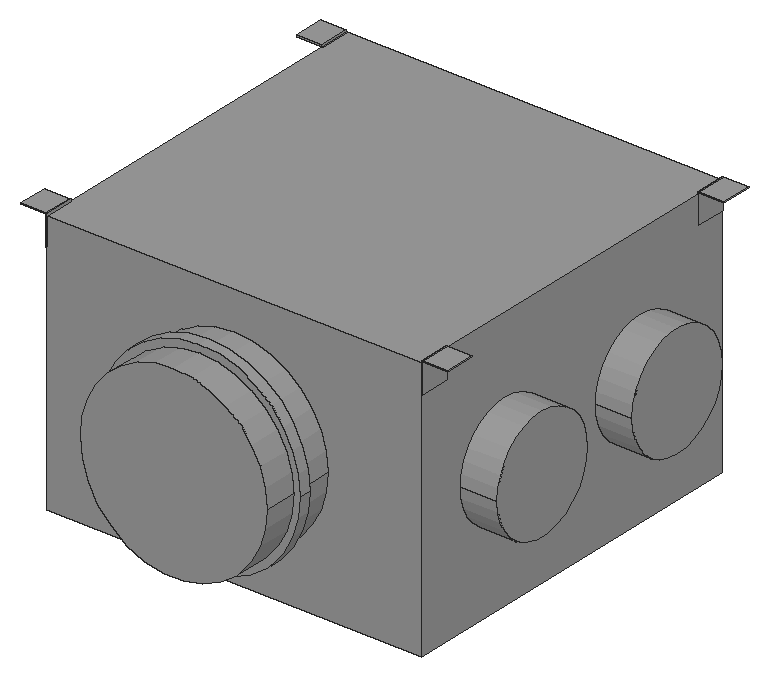
Revit family "FASU(F5-150 250Φ)", category ダクト付属品, Revit 2021
Family settings
  丸型コネクタ寸法 = 直径を使用
  パーツ タイプ = ダンパー
  OmniClass 番号 = 23.75.00.00
  OmniClass タイトル = Climate Control (HVAC)
  作業面ベース = いいえ
  常に垂直 = はい
  ロード時にボイドで切り取り = いいえ
  共有 = いいえ
Parameters
  高さ = 350 mm
  風量 [instance] = 0.0 L/s
  符号 = "FASU"
  形式 = "F5-150 250φ"
  幅 [instance] = 500 mm
  奥行き = 500 mm
  大きさ = 250 mm
  呼称 = "FASUチャンバー"
  付属品_下端レベル [instance] = 0 mm
  マテリアル [instance] = 既定値
  ダクト_イン = 250 mm
  ダクト_アウト = 150 mm
  既定の高さ = 0 mm
Reference planes
  plane 1 "中心(正面/背面)": y = 0
  plane 2: z = 0
  plane 3 "中心(左/右)": x = 0
  plane 4: x = -250
  plane 5: x = 250
  plane 6: y = -500
  plane 7: z = 350
  plane 8: z = 175
  plane 9: z = 266.963
  plane 10: z = 86.159
  plane 11: x = -125
  plane 12: x = 125
  plane 13: x = -135
  plane 14: x = 135
  plane 15: x = -251
  plane 16: z = 313.122
  plane 17: z = 352.122
  plane 18: y = -250
Forms (mm)
  Extrusion 1, solid, material "既定値" <- "マテリアル"
    sketch origin (0, 0, 0) x (1, 0, 0) y (0, 1, 0)
      loop
        line (-250, 0) -> (-250, -500) -> (250, -500) -> (250, 0) -> (-250, 0)
    from 0 to 350
  Extrusion 2, solid, material "既定値" <- "マテリアル"
    sketch origin (0, -30, 0) x (1, 0, 0) y (0, 0, 1)
      loop
        circle (0, 175) r 125
    from 470 to 512.5
  Extrusion 3, solid, material "既定値" <- "マテリアル"
    sketch origin (0, -30, 0) x (1, 0, 0) y (0, 0, 1)
      loop
        circle (0, 175) r 135
    from 512.5 to 527.5
  Extrusion 4, solid, material "既定値" <- "マテリアル"
    sketch origin (0, -117.5, 0) x (1, 0, 0) y (0, 0, 1)
      loop
        circle (0, 175) r 125
    from 440 to 482.5
  Extrusion 5, solid, material "既定値" <- "マテリアル"
    sketch origin (0, -30, 0) x (0, 1, 0) y (0, 0, 1)
      loop
        circle (-332.5, 175) r 74.985
    from -300 to -250
  Extrusion 6, solid, material "既定値" <- "マテリアル"
    sketch origin (550, -30, 0) x (0, 1, 0) y (0, 0, 1)
      loop
        circle (-332.5, 175) r 74.985
    from -300 to -250
  Extrusion 7, solid, material "既定値" <- "マテリアル"
    sketch origin (0, -30, 0) x (1, 0, 0) y (0, 1, 0)
      loop
        line (-250, 30) -> (-251, 30) -> (-251, -10) -> (-250, -10) -> (-250, 30)
    from 313.122 to 350
  Extrusion 8, solid, material "既定値" <- "マテリアル"
    sketch origin (0, -30, 0) x (1, 0, 0) y (0, 1, 0)
      loop
        line (-285, 30) -> (-285, -10) -> (-251, -10) -> (-251, 30) -> (-285, 30)
    from 352.122 to 350
  Extrusion 9, solid, material "既定値" <- "マテリアル"
    sketch origin (0, -30, 0) x (-1, 0, 0) y (0, -1, 0)
      loop
        line (-250, -30) -> (-250, 10) -> (-251, 10) -> (-251, -30) -> (-250, -30)
    from 313.122 to 353.122
  Extrusion 10, solid, material "既定値" <- "マテリアル"
    sketch origin (0, -30, 0) x (-1, 0, 0) y (0, -1, 0)
      loop
        line (-285, -30) -> (-251, -30) -> (-251, 10) -> (-285, 10) -> (-285, -30)
    from 352.122 to 353.122
  Extrusion 11, solid, material "既定値" <- "マテリアル"
    sketch origin (0, -490, 0) x (1, 0, 0) y (0, 1, 0)
      loop
        line (-285, 30) -> (-285, -10) -> (-251, -10) -> (-251, 30) -> (-285, 30)
    from 352.122 to 353.122
  Extrusion 12, solid, material "既定値" <- "マテリアル"
    sketch origin (0, -490, 0) x (1, 0, 0) y (0, 1, 0)
      loop
        line (-250, 30) -> (-251, 30) -> (-251, -10) -> (-250, -10) -> (-250, 30)
    from 313.122 to 353.122
  Extrusion 13, solid, material "既定値" <- "マテリアル"
    sketch origin (0, -490, 0) x (-1, 0, 0) y (0, -1, 0)
      loop
        line (-285, -30) -> (-251, -30) -> (-251, 10) -> (-285, 10) -> (-285, -30)
    from 352.122 to 353.122
  Extrusion 14, solid, material "既定値" <- "マテリアル"
    sketch origin (0, -490, 0) x (-1, 0, 0) y (0, -1, 0)
      loop
        line (-250, -30) -> (-250, 10) -> (-251, 10) -> (-251, -30) -> (-250, -30)
    from 313.122 to 353.122
  Extrusion 15, solid, material "既定値" <- "マテリアル"
    sketch origin (-332.5, 300, 0) x (-1, 0, 0) y (0, 0, 1)
      loop
        circle (-332.5, 175) r 74.985
    from -300 to -250
  Extrusion 16, solid, material "既定値" <- "マテリアル"
    sketch origin (550, -470, 0) x (0, -1, 0) y (0, 0, -1)
      loop
        circle (-332.5, -175) r 74.985
    from -300 to -250
  Extrusion 17, solid, material "既定値" <- "マテリアル"
    sketch origin (-550, -470, 0) x (0, -1, 0) y (0, 0, 1)
      loop
        circle (-332.5, 175) r 74.985
    from -300 to -250
Lines and regions (mm)
  model lines
    curve 1: line (-250, -30, 0) -> (250, -30, 0)
    curve 2: line (-250, -470, 0) -> (250, -470, 0)
Text (mm)
  text "FASU(F5-150 250Φ)" at (120.822, -450.782, 0), in view "参照レベル"
Dimensions and locks
  equal spacing: plane 4, plane 3 "中心(左/右)", plane 5
  "幅": plane 4 to plane 5
  "奥行き": plane 6 to plane 1 "中心(正面/背面)"
  "高さ": plane 7 to level
  equal spacing: plane 7, plane 8, level
  equal spacing: plane 6, plane 18, plane 1 "中心(正面/背面)"
  aligned and locked: level to plane 2
  aligned and locked: Extrusion 1 sketch curve to plane 5
  aligned and locked: plane 7 to Extrusion 1
  aligned and locked: plane 4 to Extrusion 5
  aligned and locked: Extrusion 6 to plane 5
  aligned and locked: Extrusion 7 sketch curve to Extrusion 1
  aligned and locked: plane 7 to Extrusion 7
  aligned and locked: Extrusion 8 sketch curve to Extrusion 7
  aligned and locked: Extrusion 7 to Extrusion 8 sketch curve
  aligned and locked: plane 7 to Extrusion 8
  aligned and locked: Extrusion 8 to plane 17
  aligned and locked: Extrusion 9 to Extrusion 10 sketch curve
  aligned and locked: Extrusion 10 sketch curve to Extrusion 9
  aligned and locked: Extrusion 3 to Extrusion 4
  aligned and locked: Extrusion 3 to Extrusion 2
  aligned and locked: Extrusion 1 to Extrusion 13
  aligned and locked: Extrusion 11 to Extrusion 1
  aligned and locked: Extrusion 12 to Extrusion 1
  aligned and locked: Extrusion 1 to Extrusion 14
  aligned and locked: Extrusion 14 to Extrusion 13
  aligned and locked: Extrusion 12 to Extrusion 11
  aligned and locked: plane 4 to Extrusion 12
  aligned and locked: Extrusion 14 to plane 5
  aligned and locked: plane 4 to curve 1
  aligned and locked: plane 5 to curve 1
  aligned and locked: plane 5 to curve 2
  aligned and locked: plane 4 to curve 2
  aligned and locked: Extrusion 1 to Extrusion 8
  aligned and locked: Extrusion 10 to Extrusion 1
  aligned and locked: Extrusion 9 to plane 5
  aligned and locked: Extrusion 15 to Extrusion 1
  aligned and locked: Extrusion 1 to plane 6
  aligned and locked: Extrusion 1 to plane 1 "中心(正面/背面)"
  aligned and locked: plane 6 to Extrusion 2
  aligned and locked: Extrusion 16 to plane 5
  aligned and locked: plane 4 to Extrusion 17
Automatic sketch dimensions
  plane 6 to curve 2 = 30 mm
  plane 1 "中心(正面/背面)" to curve 1 = 30 mm
  Extrusion 1 sketch curve to plane 4 = 0 mm
  Extrusion 1 sketch curve to plane 6 = 0 mm
  plane 1 "中心(正面/背面)" to Extrusion 1 sketch curve = 0 mm
  Extrusion 2 sketch curve to plane 3 "中心(左/右)" = 0 mm
  Extrusion 2 sketch curve to plane 8 = 0 mm
  Extrusion 3 sketch curve to plane 3 "中心(左/右)" = 0 mm
  Extrusion 3 sketch curve to plane 8 = 0 mm
  Extrusion 4 sketch curve to plane 3 "中心(左/右)" = 0 mm
  Extrusion 4 sketch curve to plane 8 = 0 mm
  Extrusion 5 sketch curve to plane 8 = 0 mm
  Extrusion 6 sketch curve to plane 8 = 0 mm
  plane 1 "中心(正面/背面)" to Extrusion 7 sketch curve = 0 mm
  Extrusion 7 sketch curve to plane 15 = 0 mm
  Extrusion 7 sketch curve to Extrusion 7 sketch curve = 40 mm
  plane 1 "中心(正面/背面)" to Extrusion 8 sketch curve = 0 mm
  Extrusion 8 sketch curve to Extrusion 8 sketch curve = 34 mm
  plane 1 "中心(正面/背面)" to Extrusion 9 sketch curve = 0 mm
  Extrusion 9 sketch curve to plane 5 = 0 mm
  Extrusion 9 sketch curve to Extrusion 9 sketch curve = 1 mm
  Extrusion 9 sketch curve to Extrusion 9 sketch curve = 40 mm
  plane 1 "中心(正面/背面)" to Extrusion 10 sketch curve = 0 mm
  Extrusion 10 sketch curve to Extrusion 10 sketch curve = 34 mm
  Extrusion 11 sketch curve to plane 6 = 0 mm
  Extrusion 11 sketch curve to plane 15 = 0 mm
  Extrusion 11 sketch curve to Extrusion 11 sketch curve = 34 mm
  Extrusion 12 sketch curve to plane 15 = 0 mm
  Extrusion 12 sketch curve to plane 4 = 0 mm
  Extrusion 12 sketch curve to plane 6 = 0 mm
  Extrusion 13 sketch curve to plane 6 = 0 mm
  Extrusion 13 sketch curve to plane 5 = 35 mm
  Extrusion 13 sketch curve to plane 5 = 1 mm
  Extrusion 14 sketch curve to plane 6 = 0 mm
  Extrusion 14 sketch curve to plane 5 = 0 mm
  Extrusion 14 sketch curve to Extrusion 14 sketch curve = 1 mm
  Extrusion 15 sketch curve to plane 3 "中心(左/右)" = 0 mm
  Extrusion 15 sketch curve to plane 8 = 0 mm
  Extrusion 16 sketch curve to plane 8 = 0 mm
  plane 18 to Extrusion 16 sketch curve = 112.5 mm
  Extrusion 17 sketch curve to plane 8 = 0 mm
  plane 18 to Extrusion 17 sketch curve = 112.5 mm
  Extrusion 5 sketch curve to plane 18 = 112.5 mm
  Extrusion 6 sketch curve to plane 18 = 112.5 mm
  plane 6 to Extrusion 11 sketch curve = 40 mm
  plane 6 to Extrusion 12 sketch curve = 40 mm
  Extrusion 13 sketch curve to plane 6 = 40 mm
  Extrusion 14 sketch curve to plane 6 = 40 mm
  radius of Extrusion 2 sketch curve = 125 mm
  radius of Extrusion 3 sketch curve = 135 mm
  radius of Extrusion 4 sketch curve = 125 mm
  radius of Extrusion 5 sketch curve = 74.985 mm
  radius of Extrusion 6 sketch curve = 74.985 mm
  radius of Extrusion 15 sketch curve = 74.985 mm
  radius of Extrusion 16 sketch curve = 74.985 mm
  radius of Extrusion 17 sketch curve = 74.985 mm
Connectors
  hvac at (300, -362.5, 175), driven by "ダクト_アウト"
    settings: on Extrusion 6, index 11, duct flow 0.0 L/s, flow factor 0, pres drop 0.0 Pa, loss coef 0, conn angle 0.00°, conn width 304.8 mm, conn height 304.8 mm, conn diameter 150 mm, duct sys type 29, conn prof type 0, flow config 0, flow direction 2, loss method 0, conn ref index -1, conn util no, is conn primary yes, conn desc ""
  hvac at (-300, -362.5, 175), driven by "ダクト_アウト"
    settings: on Extrusion 5, index 12, duct flow 0.0 L/s, flow factor 0, pres drop 0.0 Pa, loss coef 0, conn angle 0.00°, conn width 304.8 mm, conn height 304.8 mm, conn diameter 150 mm, duct sys type 29, conn prof type 0, flow config 0, flow direction 0, loss method 0, conn ref index -1, conn util no, is conn primary no, conn desc ""
  hvac at (-300, -137.5, 175), driven by "ダクト_アウト"
    settings: on Extrusion 17, index 13, duct flow 0.0 L/s, flow factor 0, pres drop 0.0 Pa, loss coef 0, conn angle 0.00°, conn width 304.8 mm, conn height 304.8 mm, conn diameter 150 mm, duct sys type 29, conn prof type 0, flow config 0, flow direction 0, loss method 0, conn ref index -1, conn util no, is conn primary no, conn desc ""
  hvac at (0, 50, 175), driven by "ダクト_アウト"
    settings: on Extrusion 15, index 14, duct flow 0.0 L/s, flow factor 0, pres drop 0.0 Pa, loss coef 0, conn angle 0.00°, conn width 304.8 mm, conn height 304.8 mm, conn diameter 150 mm, duct sys type 29, conn prof type 0, flow config 0, flow direction 0, loss method 0, conn ref index -1, conn util no, is conn primary no, conn desc ""
  hvac at (300, -137.5, 175), driven by "ダクト_アウト"
    settings: on Extrusion 16, index 15, duct flow 0.0 L/s, flow factor 0, pres drop 0.0 Pa, loss coef 0, conn angle 0.00°, conn width 304.8 mm, conn height 304.8 mm, conn diameter 150 mm, duct sys type 29, conn prof type 0, flow config 0, flow direction 0, loss method 0, conn ref index -1, conn util no, is conn primary no, conn desc ""
  hvac at (0, -600, 175), driven by "ダクト_イン"
    settings: on Extrusion 4, index 16, duct flow 0.0 L/s, flow factor 0, pres drop 0.0 Pa, loss coef 0, conn angle 0.00°, conn width 304.8 mm, conn height 304.8 mm, conn diameter 250 mm, duct sys type 29, conn prof type 0, flow config 0, flow direction 1, loss method 0, conn ref index -1, conn util no, is conn primary no, conn desc ""
